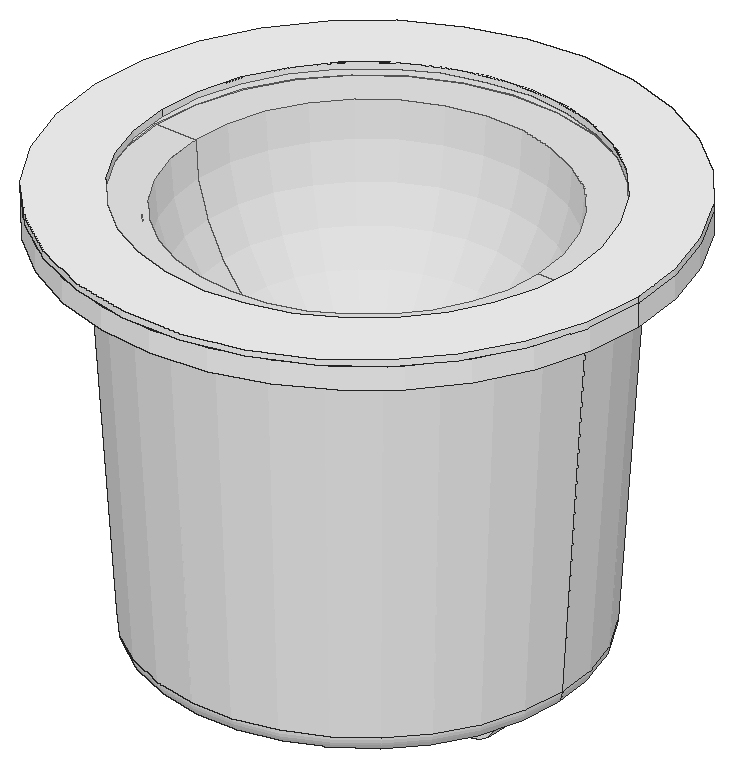
Revit family "2058885 Feilo Sylvania Lighting Fixture MYRD IP ST 3K DALI BLK WBEZ", category Lighting Fixtures, host Face, Revit 2017
Family settings
  Host = Face
  Round Connector Dimension = Use Diameter
  Part Type = Normal
  OmniClass Number = 23.80.70.11.17
  OmniClass Title = Specialized Lighting by Location or Use
  Cut with Voids When Loaded = No
  Light Source = Yes
  Shared = No
  Room Calculation Point = No
Parameters
  Weight = "0.44 kg"
  Wattage = 10 W
  WarrantyStartDate [instance] = "n/a"
  WarrantyGuarantorParts = "n/a"
  WarrantyDurationUnit = "n/a"
  WarrantyDurationParts = "n/a"
  WarrantyDescription = "n/a"
  built-in parameter 1150110 = 1 (stored number, unit not read)
  Voltage = 230 V
  URL = "http://www.sylvania-lighting.com"
  TypeName = "MYRD IP ST 3K DALI BLK WBEZ"
  Type Image = 0
  Type Comments = ""
  built-in parameter 1114217 = 1 (stored number, unit not read)
  Tilt Angle = -90°
  built-in parameter 1150109 = 1 (stored number, unit not read)
  built-in parameter 1150134 = (empty or 0)
  built-in parameter 1150113 = 1 (stored number, unit not read)
  SerialNumber [instance] = "n/a"
  Reflector Radius = Cutout Diameter / 2 - 2.5 mm  # 35.0 mm
  Reflector Material = Aluminum_Sylvania_Myriad_Bright
  Recessed Depth = Height  # 72.0 mm
  PowerFactor = 0
  PowerConsumption = "10 W"
  Photometric Web File = ""
  NominalWidth = 0.0 mm
  NominalLength = 76.0 mm
  NominalHeight = 72.0 mm
  Name = "MYRD IP ST 3K DALI BLK WBEZ"
  ModelReference = "MYRD IP ST 3K DALI BLK WBEZ"
  ModelNumber = "2058885"
  Material = "Aluminium"
  ManufacturerName = "Feilo Sylvania"
  LuminousEfficacy = "111 lm/W"
  LuminaireType = "Ceiling recessed"
  LightOutputRatio = "1"
  LampsType = Lamp  # "LED"
  LampNominalLuminous = "1106 lm"
  LampMacAdamStep = "n/a"
  LampColourTemperature = "3000 K"
  LampColourRenderingIndex = "n/a"
  Keynote = "16500"
  Keynote_2 = "16500"
  InstallationDate [instance] = "n/a"
  InputVoltage = "230-240V~"
  InputNominalFrequency = "50/60 Hz"
  IngressProtection = "IP65"
  ImpactProtectionIndex = "IK02"
  IfcExportType = "IfcLightFixtureType"
  IfcExportAs = "IfcLightFixtureType"
  Height = 72.0 mm  # constant formula
  ExpectedLife = 50000
  Emit from Circle Diameter = Accessory Inner Diameter 2  # 68.0 mm
  Emit Shape Visible in Rendering = no
  ElectricShockClassification = "Class II"
  DurationUnit = "hours"
  DocumentationLiterature = "http://www.sylvania-lighting.com/product/en-int/products/2058885"
  DimmingControlOptions = "Dimmable"
  Diffuser Material = Glass_Sylvania_Myriad_Clear_4000K
  Diffuser Diameter = Cutout Diameter  # 75.0 mm
  Cutout Diameter = 75.0 mm  # constant formula
  CreatedOn = "03-11-2017"
  CreatedBy = ""
  Cost = 0
  built-in parameter 1114216 [instance] = 1 (stored number, unit not read)
  built-in parameter 1150142 = (empty or 0)
  Model = "MYRD IP ST 3K DALI BLK WBEZ"
  Manufacturer = "Feilo Sylvania"  # constant formula
  built-in parameter 1150105 = 88.331 (stored number, unit not read)
  Lumens = 1110 lm
  built-in parameter 1150115 = 1 (stored number, unit not read)
  built-in parameter 1150137 = (empty or 0)
  built-in parameter 1150139 = (empty or 0)
  built-in parameter 1150112 = 1 (stored number, unit not read)
  built-in parameter 1150114 = 1 (stored number, unit not read)
  Lamp = "LED"
  built-in parameter 1150132 = (empty or 0)
  built-in parameter 1150102 = (empty or 0)
  built-in parameter 1150107 = 3000 (stored number, unit not read)
  built-in parameter 1150138 = (empty or 0)
  built-in parameter 1150106 = 0.88331 (stored number, unit not read)
  built-in parameter 1150104 = 10.312 (stored number, unit not read)
  Dimming Lamp Color Temperature Shift = (empty or 0)
  Description = "Supplied complete with electronic control gear Compact Fluorescent low energy downlight Emergency version passes through the cut out Ideal for low level orientation lighting New range of Architectural accessories each providing a different lit dimension New completely flush plaster up accessory ring for clean ceiling lines and smooth finish Order lamp separately"  # constant formula
  Default Elevation = 0.0 mm
  Color Filter = 16777215
  built-in parameter 1140040 [instance] = 1
  Body Radius = Reflector Radius + 1.5 mm  # 36.5 mm
  Body Material = Aluminum_Sylvania_Myriad_Gray
  BarCode [instance] = "n/a"
  built-in parameter 1114218 = 1 (stored number, unit not read)
  built-in parameter 1150133 = 10 (stored number, unit not read)
  AssetType = "Fixed"
  AssetIdentifier [instance] = "n/a"
  Assembly Code = "D5020200"
  Apparent Load = 10 VA
  Accessory Material = Aluminum_Sylvania_Myriad_White
  Accessory Inner Diameter 2 = Accessory Diameter - 22.0 mm  # 68.0 mm
  Accessory Inner Diameter 1 = Accessory Diameter - 2.0 mm  # 88.0 mm
  Accessory Diameter = Cutout Diameter + 15.0 mm  # 90.0 mm
Reference planes
  plane 1 "Center (Front/Back)": y = 0
  plane 2: z = 0
  plane 3 "Center (Left/Right)": x = 0
  plane 4: z = 2
  plane 5 "Fixture Bottom": z = 4.5
  plane 6: z = -28.5
  plane 7: z = -61.5
  plane 8 "Fixture Top": z = -67.5
  plane 9: z = 3.5
Forms (mm)
  Revolve 1, solid, material "Aluminum_Sylvania_Myriad_Bright" <- "Reflector Material", detail levels fine
    sketch origin (0, 0, 0) x (1, 0, 0) y (0, 0, 1)
      loop
        line (0, -27.515) -> (-6, -27.515)
        arc (-6, -27.515) -> (-22.333, -16.632) -> (-28.5, 2) r 30.135
        line (-28.5, 2) -> (-35, 2) -> (-35, 0) -> (-29.184, 0)
        arc (-29.184, 0) -> (-22.423, -18.18) -> (-6, -28.5) r 30.204
        line (-6, -28.5) -> (0, -28.5) -> (0, -27.515)
      axis (0, -28.5) -> (0, 2)
    angle from 0 to 360
  Revolve 2, solid, material "Aluminum_Sylvania_Myriad_Gray" <- "Body Material", detail levels fine
    sketch origin (0, 0, 0) x (1, 0, 0) y (0, 0, 1)
      loop
        line (-44, 2) -> (-44, 0) -> (-36.5, 0) -> (-32.42, -58.708)
        arc (-32.42, -58.708) -> (-31.474, -60.694) -> (-29.428, -61.5) r 3
        line (-29.428, -61.5) -> (0, -61.5) -> (0, -28.5) -> (-6, -28.5)
        arc (-6, -28.5) -> (-22.423, -18.18) -> (-29.184, 0) r 30.204
        line (-29.184, 0) -> (-35, 0) -> (-35, 2) -> (-44, 2)
      axis (0, 2) -> (0, -61.5)
    angle from 0 to 360
  Extrusion 3, solid, material "Aluminum_Sylvania_Myriad_Gray" <- "Body Material", detail levels fine
    sketch origin (0, 0, 0) x (1, 0, 0) y (0, 0, 1)
      loop
        line (-13.5, -67.5) -> (21, -67.5)
        arc (21, -67.5) -> (23.828, -66.328) -> (25, -63.5) r 4
        line (25, -63.5) -> (25, -61.5) -> (-17.5, -61.5) -> (-17.5, -63.5)
        arc (-17.5, -63.5) -> (-16.328, -66.328) -> (-13.5, -67.5) r 4
    from -4.5 to 4.5
  Extrusion 4, solid, material "Aluminum_Sylvania_Myriad_White" <- "Accessory Material", detail levels fine
    sketch origin (0, 0, 0) x (1, 0, 0) y (0, 1, 0)
      loop
        circle (0, 0) r 45
      loop
        circle (0, 0) r 44
    from 0 to 3.5
  Extrusion 5, solid, material "Aluminum_Sylvania_Myriad_White" <- "Accessory Material", detail levels fine
    sketch origin (0, 0, 0) x (1, 0, 0) y (0, 1, 0)
      loop
        circle (0, 0) r 45
      loop
        circle (0, 0) r 34
    from 3.5 to 4.5
  Extrusion 6, solid, material "Aluminum_Sylvania_Myriad_White" <- "Accessory Material", detail levels coarse+medium
    sketch origin (0, 0, 0) x (1, 0, 0) y (0, 1, 0)
      loop
        circle (0, 0) r 45
    from 0 to 4.5
  Revolve 7, solid, detail levels coarse+medium
    sketch origin (0, 0, 0) x (1, 0, 0) y (0, 0, 1)
      loop
        line (36.5, 0) -> (0, 0) -> (0, -61.5) -> (32.226, -61.5) -> (36.5, 0)
      axis (0, 0) -> (0, -61.5)
    angle from 0 to 360
  Extrusion 8, void
    sketch origin (0, 0, 0) x (1, 0, 0) y (0, 1, 0)
      loop
        circle (0, 0) r 37.5
    from -67.5 to 0
  Extrusion 9, solid, material "Glass_Sylvania_Myriad_Clear_4000K" <- "Diffuser Material", detail levels fine
    sketch origin (0, 0, 0) x (1, 0, 0) y (0, 1, 0)
      loop
        circle (0, 0) r 37.5
    from 2 to 3.5
Cuts and joins
  joined: Extrusion 4, Extrusion 5
Lines and regions (mm)
  Masking region 1
    outline origin (0, 0, 0) x (1, 0, 0) y (0, 1, 0)
      loop
        circle (0, 0) r 45
  symbolic lines
    curve 1: arc (-34, 0, 0) -> (0, 34, 0) -> (34, 0, 0) r 34
    curve 2: arc (34, 0, 0) -> (0, -34, 0) -> (-34, 0, 0) r 34
Dimensions and locks
  locked: plane 7 to plane 8 "Fixture Top" at 6
  "Body Radius": Revolve 7 sketch curve to plane 3 "Center (Left/Right)"
  locked: Revolve 7 sketch curve to Revolve 7 sketch curve at 4.274
  plane 5 "Fixture Bottom" to plane 9 to plane 4 to plane 2 to plane 6 = 1.0 mm locked, 1.5 mm locked, 2.0 mm locked, 28.5 mm locked
  "Reflector Radius": Revolve 1 sketch curve to plane 3 "Center (Left/Right)"
  Revolve 1 sketch curve to Revolve 1 sketch curve to Revolve 1 sketch curve to Revolve 1 sketch curve = 6.5 mm locked, 22.5 mm locked, 0.0 mm locked
  "Reflector Radius": plane 3 "Center (Left/Right)" to Revolve 2 sketch curve
  Revolve 2 sketch curve to Revolve 2 sketch curve to Revolve 2 sketch curve = 7.5 mm locked, 1.5 mm locked
  Revolve 2 sketch curve to Revolve 2 sketch curve to Revolve 2 sketch curve = 5.816 mm locked, 23.184 mm locked
  Revolve 2 sketch curve to Revolve 2 sketch curve to Revolve 2 sketch curve = 2.58 mm locked, 2.993 mm locked
  "Accessory Diameter": diameter of Extrusion 4 sketch curve
  "Accessory Inner Diameter 1": diameter of Extrusion 4 sketch curve
  "Accessory Diameter": diameter of Extrusion 5 sketch curve
  "Accessory Diameter": diameter of Extrusion 6 sketch curve
  "Cutout Diameter": diameter of Extrusion 8 sketch curve
  "Accessory Inner Diameter 2": diameter of Extrusion 5 sketch curve
  "Diffuser Diameter": diameter of Extrusion 9 sketch curve
  aligned and locked: plane 2 to host face
  aligned and locked: level to host face
  aligned and locked: plane 1 "Center (Front/Back)" to imposter light
  aligned and locked: plane 3 "Center (Left/Right)" to imposter light
  aligned and locked: Revolve 1 sketch curve to imposter light
  aligned and locked: Extrusion 3 sketch curve to plane 8 "Fixture Top"
  aligned and locked: plane 7 to Extrusion 3 sketch curve
  aligned and locked: Extrusion 4 to plane 2
  aligned and locked: plane 9 to Extrusion 4
  aligned and locked: Extrusion 5 to plane 9
  aligned and locked: plane 5 "Fixture Bottom" to Extrusion 5
  aligned and locked: Extrusion 6 to plane 2
  aligned and locked: plane 5 "Fixture Bottom" to Extrusion 6
  aligned and locked: Extrusion 8 to plane 8 "Fixture Top"
  aligned and locked: plane 2 to Extrusion 8
  aligned and locked: Masking region 1 sketch curve to Extrusion 6  (x2)
  aligned and locked: Extrusion 9 to plane 4
  aligned and locked: plane 9 to Extrusion 9
  aligned and locked: plane 4 to Revolve 2 sketch curve
  aligned and locked: Revolve 2 sketch curve to plane 2
  aligned and locked: curve 1 to cut or joined group of Extrusion 4, Extrusion 5
  aligned and locked: curve 2 to cut or joined group of Extrusion 4, Extrusion 5
  aligned and locked: imposter light to plane 5 "Fixture Bottom"
Automatic sketch dimensions
  host sketch curve to host sketch curve = 1305.563 mm
  host sketch curve to host sketch curve = 1283.632 mm
  Extrusion 3 sketch curve to plane 7 = 2.0 mm
  Extrusion 3 sketch curve to plane 3 "Center (Left/Right)" = 13.5 mm
  plane 3 "Center (Left/Right)" to Extrusion 3 sketch curve = 21.0 mm
  Extrusion 3 sketch curve to Extrusion 3 sketch curve = 4.0 mm
  Revolve 1 sketch curve to level = 0.0 mm
  Revolve 1 sketch curve to plane 3 "Center (Left/Right)" = 0.0 mm
  Revolve 1 sketch curve to plane 6 = 0.0 mm
  Revolve 1 sketch curve to plane 4 = 0.0 mm
  Revolve 1 sketch curve to Revolve 1 sketch curve = 0.684 mm
  level to Revolve 1 sketch curve = 0.88 mm
  Revolve 1 sketch curve to plane 4 = 0.363 mm
  Revolve 1 sketch curve to Revolve 1 sketch curve = 0.625 mm
  Revolve 1 sketch curve to plane 8 "Fixture Top" = 232.8 mm
  plane 5 "Fixture Bottom" to Revolve 1 sketch curve = 291.243 mm
  Revolve 2 sketch curve to plane 3 "Center (Left/Right)" = 0.0 mm  (x2)
  Revolve 2 sketch curve to plane 7 = 0.0 mm
  Revolve 2 sketch curve to plane 6 = 0.0 mm
  Revolve 2 sketch curve to level = 0.0 mm
  level to Revolve 2 sketch curve = 0.88 mm
  plane 7 to Revolve 2 sketch curve = 2.792 mm
  Revolve 2 sketch curve to plane 8 "Fixture Top" = 304.774 mm
  plane 5 "Fixture Bottom" to Revolve 2 sketch curve = 1137.105 mm
  Extrusion 4 sketch curve to Extrusion 4 sketch curve = 0.0 mm  (x2)
  plane 1 "Center (Front/Back)" to Extrusion 4 sketch curve = 0.0 mm
  Extrusion 4 sketch curve to plane 3 "Center (Left/Right)" = 0.0 mm
  Extrusion 5 sketch curve to Extrusion 5 sketch curve = 0.0 mm  (x2)
  plane 1 "Center (Front/Back)" to Extrusion 5 sketch curve = 0.0 mm
  Extrusion 5 sketch curve to plane 3 "Center (Left/Right)" = 0.0 mm
  plane 1 "Center (Front/Back)" to Extrusion 6 sketch curve = 0.0 mm
  Extrusion 6 sketch curve to plane 3 "Center (Left/Right)" = 0.0 mm
  Revolve 7 sketch curve to level = 0.0 mm
  Revolve 7 sketch curve to plane 3 "Center (Left/Right)" = 0.0 mm  (x2)
  Revolve 7 sketch curve to plane 7 = 0.0 mm
  Revolve 7 sketch curve to plane 8 "Fixture Top" = 304.774 mm
  plane 5 "Fixture Bottom" to Revolve 7 sketch curve = 43.226 mm
  plane 1 "Center (Front/Back)" to Extrusion 8 sketch curve = 0.0 mm
  Extrusion 8 sketch curve to plane 3 "Center (Left/Right)" = 0.0 mm
  plane 1 "Center (Front/Back)" to Extrusion 9 sketch curve = 0.0 mm
  Extrusion 9 sketch curve to plane 3 "Center (Left/Right)" = 0.0 mm
Connectors
  electrical at (-0.006, -0.019, -67.5), driven by "Apparent Load", driven by "Apparent Load"
    settings: on plane 8 "Fixture Top", index 1, voltage 230 V, apparent load 10 VA, apparent load phase1 10 VA, apparent load phase2 0 VA, apparent load phase3 0 VA, power factor 1, load classification "Lighting", number of poles 1, system type 30, power factor state 1, is connector primary yes, connector utility no, sub classification motor no, connector description ""
